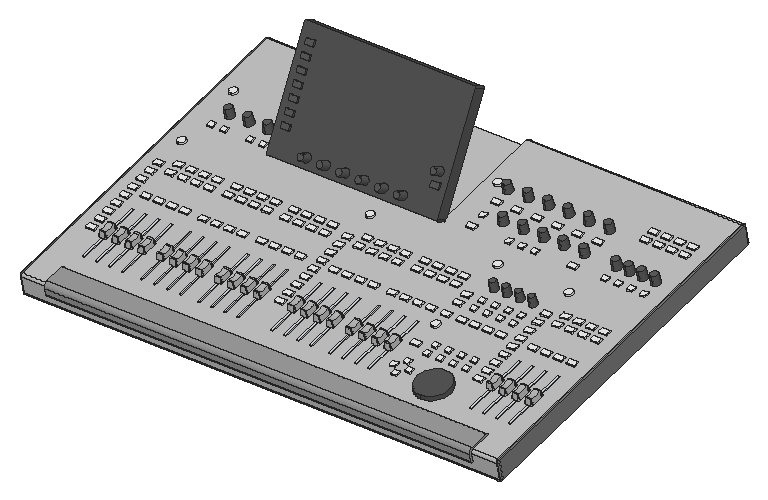
Revit family "Wing", category Communication Devices, Revit 2020 (continued)
Automatic sketch dimensions
  Split face 26 sketch curve to cut or joined group 1 (Extrusion 4, Extrusion 216, Extrusion 217, Extrusion 218, Extrusion 219, Extrusion 220, Extrusion 221, Extrusion 222, Extrusion 223, Extrusion 224, Extrusion 225, Extrusion 226, Extrusion 227, Extrusion 228, Extrusion 229, Extrusion 230, Extrusion 231, Extrusion 232, Extrusion 233, Extrusion 234, Extrusion 235, Extrusion 236, Extrusion 237, Extrusion 238, Extrusion 239) = 105.819 mm
  Split face 26 sketch curve to cut or joined group 1 = 7.108 mm
  Split face 26 sketch curve to Split face 26 sketch curve = 28.419 mm
  Split face 27 sketch curve to cut or joined group 1 = 3.427 mm
  Split face 27 sketch curve to cut or joined group 1 = 64.622 mm
  Split face 27 sketch curve to cut or joined group 1 = 7.108 mm
  Split face 27 sketch curve to Split face 27 sketch curve = 28.419 mm
  plane 3 "Center (Left/Right)" to Extrusion 240 sketch curve = 197.741 mm
  plane 1 "Center (Front/Back)" to Extrusion 240 sketch curve = 156.826 mm
  Extrusion 241 sketch curve to plane 5 "Rear Connectors" = 51.478 mm
  plane 3 "Center (Left/Right)" to Extrusion 241 sketch curve = 197.741 mm
  plane 3 "Center (Left/Right)" to Extrusion 242 sketch curve = 197.741 mm
  Extrusion 242 sketch curve to plane 1 "Center (Front/Back)" = 156.826 mm
  plane 5 "Rear Connectors" to Extrusion 243 sketch curve = 51.478 mm
  plane 3 "Center (Left/Right)" to Extrusion 243 sketch curve = 197.741 mm
  radius of curve 1177 = 8.037 mm
  radius of curve 1178 = 8.037 mm
  radius of curve 1179 = 8.037 mm
  radius of curve 1180 = 8.037 mm
  radius of curve 1181 = 8.037 mm
  radius of curve 1182 = 8.037 mm
  radius of curve 1183 = 8.037 mm
  radius of curve 1184 = 33 mm
  radius of Extrusion 178 sketch curve = 6.8 mm
  radius of Extrusion 179 sketch curve = 6.8 mm
  radius of Extrusion 180 sketch curve = 6.8 mm
  radius of Extrusion 181 sketch curve = 6.8 mm
  radius of Extrusion 182 sketch curve = 6.8 mm
  radius of Extrusion 183 sketch curve = 6.8 mm
  radius of Extrusion 184 sketch curve = 6.8 mm
  radius of Extrusion 185 sketch curve = 30 mm
  radius of Blend 186 sketch curve = 7.737 mm
  radius of Blend 186 sketch curve = 6.534 mm
  radius of Blend 187 sketch curve = 7.737 mm
  radius of Blend 187 sketch curve = 6.534 mm
  radius of Blend 188 sketch curve = 7.737 mm
  radius of Blend 188 sketch curve = 6.534 mm
  radius of Blend 189 sketch curve = 7.737 mm
  radius of Blend 189 sketch curve = 6.534 mm
  radius of Blend 190 sketch curve = 7.737 mm
  radius of Blend 190 sketch curve = 6.534 mm
  radius of Blend 191 sketch curve = 7.737 mm
  radius of Blend 191 sketch curve = 6.534 mm
  radius of Blend 192 sketch curve = 7.737 mm
  radius of Blend 192 sketch curve = 6.534 mm
  radius of Blend 193 sketch curve = 7.737 mm
  radius of Blend 193 sketch curve = 6.534 mm
  radius of Blend 194 sketch curve = 7.737 mm
  radius of Blend 194 sketch curve = 6.534 mm
  radius of Blend 195 sketch curve = 7.737 mm
  radius of Blend 195 sketch curve = 6.534 mm
  radius of Blend 196 sketch curve = 7.737 mm
  radius of Blend 196 sketch curve = 6.534 mm
  radius of Blend 197 sketch curve = 7.737 mm
  radius of Blend 197 sketch curve = 6.534 mm
  radius of Blend 198 sketch curve = 7.737 mm
  radius of Blend 198 sketch curve = 6.534 mm
  radius of Blend 199 sketch curve = 7.737 mm
  radius of Blend 199 sketch curve = 6.534 mm
  radius of Blend 200 sketch curve = 7.737 mm
  radius of Blend 200 sketch curve = 6.534 mm
  radius of Blend 201 sketch curve = 7.737 mm
  radius of Blend 201 sketch curve = 6.534 mm
  radius of Blend 202 sketch curve = 7.737 mm
  radius of Blend 202 sketch curve = 6.534 mm
  radius of Blend 203 sketch curve = 7.737 mm
  radius of Blend 203 sketch curve = 6.534 mm
  radius of Blend 204 sketch curve = 6.7 mm
  radius of Blend 204 sketch curve = 5.6 mm
  radius of Blend 205 sketch curve = 6.7 mm
  radius of Blend 205 sketch curve = 5.6 mm
  radius of Blend 206 sketch curve = 6.7 mm
  radius of Blend 206 sketch curve = 5.6 mm
  radius of Blend 207 sketch curve = 6.7 mm
  radius of Blend 207 sketch curve = 5.6 mm
  radius of Extrusion 216 sketch curve = 11.2 mm
  radius of Extrusion 217 sketch curve = 11.2 mm
  radius of Extrusion 218 sketch curve = 11.2 mm
  radius of Extrusion 219 sketch curve = 11.2 mm
  radius of Extrusion 220 sketch curve = 11.2 mm
  radius of Extrusion 221 sketch curve = 11.2 mm
  radius of Extrusion 222 sketch curve = 11.2 mm
  radius of Extrusion 223 sketch curve = 11.2 mm
  radius of Extrusion 224 sketch curve = 11.2 mm
  radius of Split face 24 sketch curve = 6.9 mm
  radius of Split face 25 sketch curve = 6.906 mm
  radius of Extrusion 226 sketch curve = 11.2 mm
  radius of Extrusion 227 sketch curve = 11.2 mm
  radius of Extrusion 228 sketch curve = 11.2 mm
  radius of Extrusion 229 sketch curve = 11.2 mm
  radius of Extrusion 230 sketch curve = 11.2 mm
  radius of Extrusion 231 sketch curve = 11.2 mm
  radius of Extrusion 232 sketch curve = 11.2 mm
  radius of Extrusion 233 sketch curve = 11.2 mm
  radius of Extrusion 234 sketch curve = 11.2 mm
  radius of Extrusion 235 sketch curve = 11.2 mm
  radius of Extrusion 236 sketch curve = 11.2 mm
  radius of Extrusion 237 sketch curve = 11.2 mm
  radius of Extrusion 238 sketch curve = 11.2 mm
  radius of Extrusion 239 sketch curve = 11.2 mm
  radius of Extrusion 240 sketch curve = 22.711 mm
  radius of Extrusion 241 sketch curve = 22.711 mm
  radius of Extrusion 242 sketch curve = 22.711 mm
  radius of Extrusion 243 sketch curve = 22.711 mm
Nested families
  nested 1: "Fader Cap" at (-374.283, -157.758, 92.618) x (1, 0, 0) z (0, -0.2419, 0.9703), type "Fader Cap"
  nested 2: "Fader Cap" at (-303.727, -157.758, 92.618) x (1, 0, 0) z (0, -0.2419, 0.9703), type "Fader Cap"
  nested 3: "Fader Cap" at (-350.765, -157.758, 92.618) x (1, 0, 0) z (0, -0.2419, 0.9703), type "Fader Cap"
  nested 4: "Fader Cap" at (-327.246, -157.758, 92.618) x (1, 0, 0) z (0, -0.2419, 0.9703), type "Fader Cap"
  nested 5: "Fader Cap" at (-269.509, -157.758, 92.618) x (1, 0, 0) z (0, -0.2419, 0.9703), type "Fader Cap"
  nested 6: "Fader Cap" at (-198.953, -157.758, 92.618) x (1, 0, 0) z (0, -0.2419, 0.9703), type "Fader Cap"
  nested 7: "Fader Cap" at (-245.99, -157.758, 92.618) x (1, 0, 0) z (0, -0.2419, 0.9703), type "Fader Cap"
  nested 8: "Fader Cap" at (-222.472, -157.758, 92.618) x (1, 0, 0) z (0, -0.2419, 0.9703), type "Fader Cap"
  nested 9: "Fader Cap" at (-164.734, -157.758, 92.618) x (1, 0, 0) z (0, -0.2419, 0.9703), type "Fader Cap"
  nested 10: "Fader Cap" at (-94.177, -157.758, 92.618) x (1, 0, 0) z (0, -0.2419, 0.9703), type "Fader Cap"
  nested 11: "Fader Cap" at (-141.215, -157.758, 92.618) x (1, 0, 0) z (0, -0.2419, 0.9703), type "Fader Cap"
  nested 12: "Fader Cap" at (-117.696, -157.758, 92.618) x (1, 0, 0) z (0, -0.2419, 0.9703), type "Fader Cap"
  nested 13: "Fader Cap" at (-32.099, -157.758, 92.618) x (1, 0, 0) z (0, -0.2419, 0.9703), type "Fader Cap"
  nested 14: "Fader Cap" at (38.457, -157.758, 92.618) x (1, 0, 0) z (0, -0.2419, 0.9703), type "Fader Cap"
  nested 15: "Fader Cap" at (-8.581, -157.758, 92.618) x (1, 0, 0) z (0, -0.2419, 0.9703), type "Fader Cap"
  nested 16: "Fader Cap" at (14.938, -157.758, 92.618) x (1, 0, 0) z (0, -0.2419, 0.9703), type "Fader Cap"
  nested 17: "Fader Cap" at (72.979, -157.758, 92.618) x (1, 0, 0) z (0, -0.2419, 0.9703), type "Fader Cap"
  nested 18: "Fader Cap" at (143.535, -157.758, 92.618) x (1, 0, 0) z (0, -0.2419, 0.9703), type "Fader Cap"
  nested 19: "Fader Cap" at (96.498, -157.758, 92.618) x (1, 0, 0) z (0, -0.2419, 0.9703), type "Fader Cap"
  nested 20: "Fader Cap" at (120.016, -157.758, 92.618) x (1, 0, 0) z (0, -0.2419, 0.9703), type "Fader Cap"
  nested 21: "Fader Cap" at (328.861, -157.758, 92.618) x (1, 0, 0) z (0, -0.2419, 0.9703), type "Fader Cap"
  nested 22: "Fader Cap" at (399.417, -157.758, 92.618) x (1, 0, 0) z (0, -0.2419, 0.9703), type "Fader Cap"
  nested 23: "Fader Cap" at (352.38, -157.758, 92.618) x (1, 0, 0) z (0, -0.2419, 0.9703), type "Fader Cap"
  nested 24: "Fader Cap" at (375.898, -157.758, 92.618) x (1, 0, 0) z (0, -0.2419, 0.9703), type "Fader Cap"
  nested 25: "Wing screen" at (0.604, 70.807, 157.261) x (1, 0, 0) z (0, -0.8988, 0.4384), type "Wing screen"
    with ScreenTilt 0.00°
  nested 26: "IEC with switch" at (180.48, 223.328, 39.063) x (0, 0, 1) z (0, 1, 0), type "IEC with switch"
  nested 27: "RJ45 chassis mount" at (136.117, 223.328, 36.918) x (-1, 0, 0) z (0, 1, 0), type "RJ45 chassis mount"
  nested 28: "RJ45 chassis mount" at (111.589, 223.328, 36.918) x (-1, 0, 0) z (0, 1, 0), type "RJ45 chassis mount"
  nested 29: "USB-B chassis mount" at (89.483, 223.328, 35.683) x (-1, 0, 0) z (0, 1, 0), type "USB-B chassis mount"
  nested 30: "4 pin XLR-F" at (221.81, 223.328, 121.405) x (-1, 0, 0) z (0, 1, 0), type "4 pin XLR-F"
  nested 31: "TRS chassis mount" at (147.534, 223.328, 126.88) x (-1, 0, 0) z (0, 1, 0), type "TRS chassis mount"
  nested 32: "TRS chassis mount" at (147.588, 223.328, 110.342) x (-1, 0, 0) z (0, 1, 0), type "TRS chassis mount"
  nested 33: "TRS chassis mount" at (221.781, 223.328, 94.897) x (-1, 0, 0) z (0, 1, 0), type "TRS chassis mount"
  nested 34: "TRS chassis mount" at (221.868, 223.328, 78.331) x (-1, 0, 0) z (0, 1, 0), type "TRS chassis mount"
  nested 35: "TRS chassis mount" at (-21.473, 223.328, 126.907) x (-1, 0, 0) z (0, 1, 0), type "TRS chassis mount"
  nested 36: "TRS chassis mount" at (-21.419, 223.328, 110.369) x (-1, 0, 0) z (0, 1, 0), type "TRS chassis mount"
  nested 37: "TRS chassis mount" at (123.39, 223.328, 126.884) x (-1, 0, 0) z (0, 1, 0), type "TRS chassis mount"
  nested 38: "TRS chassis mount" at (123.444, 223.328, 110.346) x (-1, 0, 0) z (0, 1, 0), type "TRS chassis mount"
  nested 39: "TRS chassis mount" at (99.246, 223.328, 126.888) x (-1, 0, 0) z (0, 1, 0), type "TRS chassis mount"
  nested 40: "TRS chassis mount" at (99.3, 223.328, 110.35) x (-1, 0, 0) z (0, 1, 0), type "TRS chassis mount"
  nested 41: "TRS chassis mount" at (75.102, 223.328, 126.891) x (-1, 0, 0) z (0, 1, 0), type "TRS chassis mount"
  nested 42: "TRS chassis mount" at (75.156, 223.328, 110.354) x (-1, 0, 0) z (0, 1, 0), type "TRS chassis mount"
  nested 43: "TRS chassis mount" at (50.958, 223.328, 126.895) x (-1, 0, 0) z (0, 1, 0), type "TRS chassis mount"
  nested 44: "TRS chassis mount" at (51.012, 223.328, 110.357) x (-1, 0, 0) z (0, 1, 0), type "TRS chassis mount"
  nested 45: "TRS chassis mount" at (26.814, 223.328, 126.899) x (-1, 0, 0) z (0, 1, 0), type "TRS chassis mount"
  nested 46: "TRS chassis mount" at (26.868, 223.328, 110.361) x (-1, 0, 0) z (0, 1, 0), type "TRS chassis mount"
  nested 47: "TRS chassis mount" at (2.67, 223.328, 126.903) x (-1, 0, 0) z (0, 1, 0), type "TRS chassis mount"
  nested 48: "TRS chassis mount" at (2.724, 223.328, 110.365) x (-1, 0, 0) z (0, 1, 0), type "TRS chassis mount"
  nested 49: "XLR-M" at (147.529, 223.328, 82.772) x (-1, 0, 0) z (0, 1, 0), type "XLR-M"
  nested 50: "XLR-M" at (-26.603, 223.328, 42.512) x (-1, 0, 0) z (0, 1, 0), type "XLR-M"
  nested 51: "XLR-M" at (-54.398, 223.328, 42.806) x (-1, 0, 0) z (0, 1, 0), type "XLR-M"
  nested 52: "XLR-F" at (-82.434, 223.328, 42.629) x (-1, 0, 0) z (0, 1, 0), type "XLR-F"
  nested 53: "NE8FD Ethercon" at (62.987, 223.328, 42.569) x (-1, 0, 0) z (0, 1, 0), type "NE8FD Ethercon"
  nested 54: "NE8FD Ethercon" at (32.854, 223.328, 42.541) x (-1, 0, 0) z (0, 1, 0), type "NE8FD Ethercon"
  nested 55: "NE8FD Ethercon" at (2.638, 223.328, 42.719) x (-1, 0, 0) z (0, 1, 0), type "NE8FD Ethercon"
  nested 56: "XLR-F Combo Jack" at (-51.933, 223.328, 82.674) x (-1, 0, 0) z (0, 1, 0), type "XLR-F Combo Jack"
  nested 57: "XLR-M" at (-21.408, 223.328, 82.577) x (-1, 0, 0) z (0, 1, 0), type "XLR-M"
  nested 58: "XLR-F Combo Jack" at (-220.871, 223.328, 82.48) x (-1, 0, 0) z (0, 1, 0), type "XLR-F Combo Jack"
  nested 59: "XLR-M" at (123.395, 223.328, 82.744) x (-1, 0, 0) z (0, 1, 0), type "XLR-M"
  nested 60: "XLR-F Combo Jack" at (-76.067, 223.328, 82.647) x (-1, 0, 0) z (0, 1, 0), type "XLR-F Combo Jack"
  nested 61: "XLR-M" at (99.261, 223.328, 82.716) x (-1, 0, 0) z (0, 1, 0), type "XLR-M"
  nested 62: "XLR-F Combo Jack" at (-100.201, 223.328, 82.619) x (-1, 0, 0) z (0, 1, 0), type "XLR-F Combo Jack"
  nested 63: "XLR-M" at (75.127, 223.328, 82.688) x (-1, 0, 0) z (0, 1, 0), type "XLR-M"
  nested 64: "XLR-F Combo Jack" at (-124.335, 223.328, 82.591) x (-1, 0, 0) z (0, 1, 0), type "XLR-F Combo Jack"
  nested 65: "XLR-M" at (50.993, 223.328, 82.66) x (-1, 0, 0) z (0, 1, 0), type "XLR-M"
  nested 66: "XLR-F Combo Jack" at (-148.469, 223.328, 82.563) x (-1, 0, 0) z (0, 1, 0), type "XLR-F Combo Jack"
  nested 67: "XLR-M" at (26.86, 223.328, 82.633) x (-1, 0, 0) z (0, 1, 0), type "XLR-M"
  nested 68: "XLR-F Combo Jack" at (-172.603, 223.328, 82.535) x (-1, 0, 0) z (0, 1, 0), type "XLR-F Combo Jack"
  nested 69: "XLR-M" at (2.726, 223.328, 82.605) x (-1, 0, 0) z (0, 1, 0), type "XLR-M"
  nested 70: "XLR-F Combo Jack" at (-196.737, 223.328, 82.507) x (-1, 0, 0) z (0, 1, 0), type "XLR-F Combo Jack"
Definition of nested family "Fader Cap"
  Parameters (values of type "Fader Cap")
    Model = "M32"
    Manufacturer = "Midas"
    Default Elevation = 0 mm
  Reference planes
    plane 1 "Center (Front/Back)": y = 0
    plane 2: z = 0
    plane 3 "Center (Left/Right)": x = 0
    plane 4 "Rear Connectors": y = 297.637
  Forms (mm)
    Blend 1, solid
      base sketch origin (0, 2.195, 0) x (1, 0, 0) y (0, 1, 0)
        loop
          line (-6.629, -11.949) -> (-6.484, -13.733)
          arc (-6.484, -13.733) -> (-6.096, -14.643) -> (-5.238, -15.136) r 1.56
          arc (-5.238, -15.136) -> (0, -15.598) -> (5.238, -15.136) r 29.904
          arc (5.238, -15.136) -> (6.096, -14.643) -> (6.484, -13.733) r 1.56
          line (6.484, -13.733) -> (6.629, -11.949) -> (6.629, 7.56) -> (6.484, 9.344)
          arc (6.484, 9.344) -> (6.096, 10.254) -> (5.238, 10.747) r 1.56
          arc (5.238, 10.747) -> (0, 11.209) -> (-5.238, 10.747) r 29.904
          arc (-5.238, 10.747) -> (-6.096, 10.254) -> (-6.484, 9.344) r 1.56
          line (-6.484, 9.344) -> (-6.629, 7.56) -> (-6.629, -11.949)
      top sketch origin (0, 2.195, 0) x (1, 0, 0) y (0, 1, 0)
        loop
          line (-4.846, 8.453) -> (-4.846, -12.842)
          arc (-4.846, -12.842) -> (0, -13.475) -> (4.846, -12.842) r 18.875
          line (4.846, -12.842) -> (4.846, 8.453)
          arc (4.846, 8.453) -> (0, 9.086) -> (-4.846, 8.453) r 18.875
      from 1.549 to 11.37
    Extrusion 2, void
      sketch origin (0, 157.195, -100) x (0, 1, 0) y (0, 0, 1)
        loop
          arc (-165.928, 111.37) -> (-156.981, 109.171) -> (-148.034, 111.37) r 19.305
          line (-148.034, 111.37) -> (-165.928, 111.37)
      from -6.629 to 6.629
    Extrusion 3, solid, not visible
      sketch origin (0, 41.387, 0) x (0, 1, 0) y (0, 0, 1)
        loop
          arc (19.706, 50.724) -> (53.209, 58.151) -> (80.435, 79.042) r 79.276
          line (80.435, 79.042) -> (195.403, 214.93)
          arc (195.403, 214.93) -> (192.322, 250.151) -> (157.101, 247.07) r 25
          line (157.101, 247.07) -> (39.689, 107.144)
          arc (39.689, 107.144) -> (32.821, 101.874) -> (24.369, 100) r 20
          line (24.369, 100) -> (-325.78, 99.968)
          arc (-325.78, 99.968) -> (-346.715, 88.607) -> (-348.6, 64.863) r 24.97
          arc (-348.6, 64.863) -> (-333.4, 48.394) -> (-311.111, 50.724) r 25
          line (-311.111, 50.724) -> (19.706, 50.724)
      from -425.5 to 425.5
    Blend 4, solid, not visible
      base sketch origin (0, 0, 100) x (0, -1, 0) y (1, 0, 0)
        loop
          line (166.949, -373.024) -> (168.733, -372.879)
          arc (168.733, -372.879) -> (169.643, -372.491) -> (170.136, -371.633) r 1.56
          arc (170.136, -371.633) -> (170.598, -366.395) -> (170.136, -361.157) r 29.904
          arc (170.136, -361.157) -> (169.643, -360.299) -> (168.733, -359.911) r 1.56
          line (168.733, -359.911) -> (166.949, -359.766) -> (147.44, -359.766) -> (145.656, -359.911)
          arc (145.656, -359.911) -> (144.746, -360.299) -> (144.253, -361.157) r 1.56
          arc (144.253, -361.157) -> (143.791, -366.395) -> (144.253, -371.633) r 29.904
          arc (144.253, -371.633) -> (144.746, -372.491) -> (145.656, -372.879) r 1.56
          line (145.656, -372.879) -> (147.44, -373.024) -> (166.949, -373.024)
      top sketch origin (0, 0, 100) x (0, -1, 0) y (1, 0, 0)
        loop
          line (146.547, -371.241) -> (167.842, -371.241)
          arc (167.842, -371.241) -> (168.475, -366.395) -> (167.842, -361.549) r 18.875
          line (167.842, -361.549) -> (146.547, -361.549)
          arc (146.547, -361.549) -> (145.914, -366.395) -> (146.547, -371.241) r 18.875
      from 1.549 to 11.37
    Extrusion 5, void, not visible
      sketch origin (0, 0, 0) x (0, 1, 0) y (0, 0, 1)
        loop
          arc (-165.928, 111.37) -> (-156.981, 109.171) -> (-148.034, 111.37) r 19.305
          line (-148.034, 111.37) -> (-165.928, 111.37)
      from -373.024 to -359.766
    Extrusion 6, solid, not visible
      sketch origin (27.274, 65.596, 47.8) x (-1, 0, 0) y (0, -1, 0)
        loop
          arc (102.642, 32.538) -> (103.703, 32.977) -> (104.142, 34.038) r 1.5
          line (104.142, 34.038) -> (104.142, 38.736)
          arc (104.142, 38.736) -> (103.703, 39.797) -> (102.642, 40.236) r 1.5
          line (102.642, 40.236) -> (93.334, 40.236)
          arc (93.334, 40.236) -> (92.273, 39.797) -> (91.834, 38.736) r 1.5
          line (91.834, 38.736) -> (91.834, 34.038)
          arc (91.834, 34.038) -> (92.273, 32.977) -> (93.334, 32.538) r 1.5
          line (93.334, 32.538) -> (102.642, 32.538)
      from 0 to 3
    Extrusion 7, solid, not visible
      sketch origin (0, 0, 100) x (0, -1, 0) y (1, 0, 0)
        loop
          arc (114.03, -395.24) -> (114.967, -397.502) -> (117.23, -398.44) r 3.2
          line (117.23, -398.44) -> (120.619, -398.44)
          arc (120.619, -398.44) -> (122.882, -397.502) -> (123.819, -395.24) r 3.2
          line (123.819, -395.24) -> (123.819, -388.35)
          arc (123.819, -388.35) -> (122.882, -386.088) -> (120.619, -385.15) r 3.2
          line (120.619, -385.15) -> (117.23, -385.15)
          arc (117.23, -385.15) -> (114.967, -386.088) -> (114.03, -388.35) r 3.2
          line (114.03, -388.35) -> (114.03, -395.24)
      from 0 to 3
    Extrusion 8, solid, not visible
      sketch origin (701.358, -6.4, 100) x (0, -1, 0) y (1, 0, 0)
        loop
          arc (113.943, -393.595) -> (118.838, -398.49) -> (123.732, -393.595) r 4.895
          line (123.732, -393.595) -> (123.732, -390.038)
          arc (123.732, -390.038) -> (118.838, -385.144) -> (113.943, -390.038) r 4.895
          line (113.943, -390.038) -> (113.943, -393.595)
      from 0 to 3
    Extrusion 9, solid, not visible
      sketch origin (783.908, -21.323, 100) x (0, -1, 0) y (1, 0, 0)
        loop
          circle (118.875, -391.795) r 5.895
      from 0 to 3
    Blend 10, solid, not visible
      base sketch origin (31.115, 0, 100) x (0, -1, 0) y (1, 0, 0)
        loop
          circle (3.99, 294.005) r 7.348
      top sketch origin (31.115, 0, 100) x (0, -1, 0) y (1, 0, 0)
        loop
          circle (3.99, 294.005) r 6.43
      from 0 to 15
    Blend 11, solid, not visible
      base sketch origin (30.454, 0.333, 10.918) x (0, -0.642788, -0.766044) y (1, 0, 0)
        loop
          circle (-197.238, -399.695) r 7.348
      top sketch origin (30.454, 0.333, 10.918) x (0, -0.642788, -0.766044) y (1, 0, 0)
        loop
          circle (-197.238, -399.695) r 6.43
      from 0 to 15
    Extrusion 12, solid, not visible
      sketch origin (-324.917, 41.736, 0.416) x (0, 1, 0) y (0, 0, 1)
        loop
          arc (19.706, 50.724) -> (53.209, 58.151) -> (80.435, 79.042) r 79.276
          line (80.435, 79.042) -> (195.403, 214.93)
          arc (195.403, 214.93) -> (192.322, 250.151) -> (157.101, 247.07) r 25
          line (157.101, 247.07) -> (39.689, 107.144)
          arc (39.689, 107.144) -> (32.821, 101.874) -> (24.369, 100) r 20
          line (24.369, 100) -> (-325.78, 99.968)
          arc (-325.78, 99.968) -> (-346.715, 88.607) -> (-348.6, 64.863) r 24.97
          arc (-348.6, 64.863) -> (-333.4, 48.394) -> (-311.111, 50.724) r 25
          line (-311.111, 50.724) -> (19.706, 50.724)
      from -425.5 to 425.5
    Extrusion 13, solid, not visible
      sketch origin (-62.23, 41.387, 0) x (0, 1, 0) y (0, 0, 1)
        loop
          arc (19.706, 50.724) -> (53.209, 58.151) -> (80.435, 79.042) r 79.276
          line (80.435, 79.042) -> (195.403, 214.93)
          arc (195.403, 214.93) -> (192.322, 250.151) -> (157.101, 247.07) r 25
          line (157.101, 247.07) -> (39.689, 107.144)
          arc (39.689, 107.144) -> (32.821, 101.874) -> (24.369, 100) r 20
          line (24.369, 100) -> (-325.78, 99.968)
          arc (-325.78, 99.968) -> (-346.715, 88.607) -> (-348.6, 64.863) r 24.97
          arc (-348.6, 64.863) -> (-333.4, 48.394) -> (-311.111, 50.724) r 25
          line (-311.111, 50.724) -> (19.706, 50.724)
      from -425.5 to 425.5
    Extrusion 14, solid, not visible
      sketch origin (0, 41.387, 0) x (0, 1, 0) y (0, 0, 1)
        loop
          arc (19.706, 50.724) -> (53.209, 58.151) -> (80.435, 79.042) r 79.276
          line (80.435, 79.042) -> (195.403, 214.93)
          arc (195.403, 214.93) -> (192.322, 250.151) -> (157.101, 247.07) r 25
          line (157.101, 247.07) -> (39.689, 107.144)
          arc (39.689, 107.144) -> (32.821, 101.874) -> (24.369, 100) r 20
          line (24.369, 100) -> (-325.78, 99.968)
          arc (-325.78, 99.968) -> (-346.715, 88.607) -> (-348.6, 64.863) r 24.97
          arc (-348.6, 64.863) -> (-333.4, 48.394) -> (-311.111, 50.724) r 25
          line (-311.111, 50.724) -> (19.706, 50.724)
      from -425.5 to 425.5
  Cuts and joins
    Extrusion 2 cuts Blend 1
  Lines and regions (mm)
    Split face 1, not visible
      outline origin (0, -274.23, 100) x (0, 1, 0) y (-1, 0, 0)
        loop
          line (172.933, 367.895) -> (61.622, 367.895) -> (61.622, 364.895) -> (172.933, 364.895) -> (172.933, 367.895)
    Split face 2, not visible
      outline origin (0, -274.23, 100) x (0, 1, 0) y (-1, 0, 0)
        loop
          line (279.313, 371.073) -> (278.313, 371.073) -> (278.313, 368.099) -> (279.313, 368.099) -> (279.313, 371.073)
    Split face 3, not visible
      outline origin (0, -269.142, 100) x (0, 1, 0) y (-1, 0, 0)
        loop
          line (279.313, 371.073) -> (278.313, 371.073) -> (278.313, 368.099) -> (279.313, 368.099) -> (279.313, 371.073)
    Split face 4, not visible
      outline origin (0, -265.975, 100) x (0, 1, 0) y (-1, 0, 0)
        loop
          line (279.313, 371.073) -> (278.313, 371.073) -> (278.313, 368.099) -> (279.313, 368.099) -> (279.313, 371.073)
    Split face 5, not visible
      outline origin (0, -262.8, 100) x (0, 1, 0) y (-1, 0, 0)
        loop
          line (279.313, 371.073) -> (278.313, 371.073) -> (278.313, 368.099) -> (279.313, 368.099) -> (279.313, 371.073)
    Split face 6, not visible
      outline origin (0, -259.625, 100) x (0, 1, 0) y (-1, 0, 0)
        loop
          line (279.313, 371.073) -> (278.313, 371.073) -> (278.313, 368.099) -> (279.313, 368.099) -> (279.313, 371.073)
    Split face 7, not visible
      outline origin (0, -256.45, 100) x (0, 1, 0) y (-1, 0, 0)
        loop
          line (279.313, 371.073) -> (278.313, 371.073) -> (278.313, 368.099) -> (279.313, 368.099) -> (279.313, 371.073)
    Split face 8, not visible
      outline origin (0, -253.286, 100) x (0, 1, 0) y (-1, 0, 0)
        loop
          line (279.313, 371.073) -> (278.313, 371.073) -> (278.313, 368.099) -> (279.313, 368.099) -> (279.313, 371.073)
    Split face 9, not visible
      outline origin (0, -248.195, 100) x (0, 1, 0) y (-1, 0, 0)
        loop
          line (279.313, 371.073) -> (278.313, 371.073) -> (278.313, 368.099) -> (279.313, 368.099) -> (279.313, 371.073)
    Split face 10, not visible
      outline origin (-62.23, -274.23, 100) x (0, 1, 0) y (-1, 0, 0)
        loop
          arc (263.049, -380.824) -> (263.714, -380.823) -> (263.714, -380.159) r 0.47
          line (263.714, -380.159) -> (262.303, -378.742)
          arc (262.303, -378.742) -> (261.632, -378.741) -> (261.633, -379.412) r 0.474
          line (261.633, -379.412) -> (263.049, -380.824)
    Split face 11, not visible
      outline origin (-140.898, -129.242, 100) x (0.382683, 0.92388, 0) y (-0.92388, 0.382683, 0)
        loop
          arc (286.864, -376.087) -> (287.528, -376.086) -> (287.529, -375.422) r 0.47
          line (287.529, -375.422) -> (286.117, -374.005)
          arc (286.117, -374.005) -> (285.447, -374.004) -> (285.447, -374.675) r 0.474
          line (285.447, -374.675) -> (286.864, -376.087)
    Split face 12, not visible
      outline origin (-158.094, 34.816, 100) x (0.707107, 0.707107, 0) y (-0.707107, 0.707107, 0)
        loop
          arc (307.053, -362.597) -> (307.717, -362.596) -> (307.718, -361.932) r 0.47
          line (307.718, -361.932) -> (306.306, -360.515)
          arc (306.306, -360.515) -> (305.635, -360.515) -> (305.636, -361.185) r 0.474
          line (305.636, -361.185) -> (307.053, -362.597)
    Split face 13, not visible
      outline origin (-111.198, 192.965, 100) x (0.92388, 0.382683, 0) y (-0.382683, 0.92388, 0)
        loop
          arc (320.542, -342.408) -> (321.207, -342.407) -> (321.207, -341.743) r 0.47
          line (321.207, -341.743) -> (319.796, -340.326)
          arc (319.796, -340.326) -> (319.125, -340.326) -> (319.126, -340.996) r 0.474
          line (319.126, -340.996) -> (320.542, -342.408)
    Split face 14, not visible
      outline origin (-7.351, 321.13, 100) x (1, 0, 0) y (0, 1, 0)
        loop
          arc (325.279, -318.594) -> (325.944, -318.593) -> (325.944, -317.929) r 0.47
          line (325.944, -317.929) -> (324.533, -316.512)
          arc (324.533, -316.512) -> (323.862, -316.511) -> (323.863, -317.182) r 0.474
          line (323.863, -317.182) -> (325.279, -318.594)
    Split face 15, not visible
      outline origin (137.638, 399.799, 100) x (0.92388, -0.382683, 0) y (0.382683, 0.92388, 0)
        loop
          arc (320.542, -294.779) -> (321.207, -294.779) -> (321.207, -294.114) r 0.47
          line (321.207, -294.114) -> (319.796, -292.698)
          arc (319.796, -292.698) -> (319.125, -292.697) -> (319.126, -293.367) r 0.474
          line (319.126, -293.367) -> (320.542, -294.779)
    Split face 16, not visible
      outline origin (301.695, 416.994, 100) x (0.707107, -0.707107, 0) y (0.707107, 0.707107, 0)
        loop
          arc (307.053, -274.59) -> (307.717, -274.59) -> (307.718, -273.925) r 0.47
          line (307.718, -273.925) -> (306.306, -272.509)
          arc (306.306, -272.509) -> (305.635, -272.508) -> (305.636, -273.179) r 0.474
          line (305.636, -273.179) -> (307.053, -274.59)
    Split face 17, not visible
      outline origin (459.845, 370.098, 100) x (0.382683, -0.92388, 0) y (0.92388, 0.382683, 0)
        loop
          arc (286.864, -261.101) -> (287.528, -261.1) -> (287.529, -260.435) r 0.47
          line (287.529, -260.435) -> (286.117, -259.019)
          arc (286.117, -259.019) -> (285.447, -259.018) -> (285.447, -259.689) r 0.474
          line (285.447, -259.689) -> (286.864, -261.101)
    Split face 18, not visible
      outline origin (588.01, 266.251, 100) x (0, -1, 0) y (1, 0, 0)
        loop
          arc (263.049, -256.364) -> (263.714, -256.363) -> (263.714, -255.699) r 0.47
          line (263.714, -255.699) -> (262.303, -254.282)
          arc (262.303, -254.282) -> (261.632, -254.281) -> (261.633, -254.952) r 0.474
          line (261.633, -254.952) -> (263.049, -256.364)
    Split face 19, not visible
      outline origin (666.678, 121.262, 100) x (-0.382683, -0.92388, 0) y (0.92388, -0.382683, 0)
        loop
          arc (239.235, -261.101) -> (239.899, -261.1) -> (239.9, -260.435) r 0.47
          line (239.9, -260.435) -> (238.488, -259.019)
          arc (238.488, -259.019) -> (237.818, -259.018) -> (237.818, -259.689) r 0.474
          line (237.818, -259.689) -> (239.235, -261.101)
    Split face 20, not visible
      outline origin (683.874, -42.795, 100) x (-0.707107, -0.707107, 0) y (0.707107, -0.707107, 0)
        loop
          arc (219.046, -274.59) -> (219.711, -274.59) -> (219.711, -273.925) r 0.47
          line (219.711, -273.925) -> (218.299, -272.509)
          arc (218.299, -272.509) -> (217.629, -272.508) -> (217.629, -273.179) r 0.474
          line (217.629, -273.179) -> (219.046, -274.59)
    Split face 21, not visible
      outline origin (636.978, -200.945, 100) x (-0.92388, -0.382683, 0) y (0.382683, -0.92388, 0)
        loop
          arc (205.556, -294.779) -> (206.221, -294.779) -> (206.221, -294.114) r 0.47
          line (206.221, -294.114) -> (204.81, -292.698)
          arc (204.81, -292.698) -> (204.139, -292.697) -> (204.14, -293.367) r 0.474
          line (204.14, -293.367) -> (205.556, -294.779)
    Split face 22, not visible
      outline origin (533.131, -329.11, 100) x (-1, 0, 0) y (0, -1, 0)
        loop
          arc (200.819, -318.594) -> (201.484, -318.593) -> (201.484, -317.929) r 0.47
          line (201.484, -317.929) -> (200.073, -316.512)
          arc (200.073, -316.512) -> (199.402, -316.511) -> (199.403, -317.182) r 0.474
          line (199.403, -317.182) -> (200.819, -318.594)
    Split face 23, not visible
      outline origin (-2.482, 131.215, 166.898) x (0, 0.642788, 0.766044) y (-1, 0, 0)
        loop
          line (4.752, 367.245) -> (2.182, 367.245)
          arc (2.182, 367.245) -> (1.702, 366.765) -> (2.182, 366.285) r 0.48
          line (2.182, 366.285) -> (4.752, 366.285)
          arc (4.752, 366.285) -> (5.233, 366.765) -> (4.752, 367.245) r 0.48
    Split face 24, not visible
      outline origin (-3.18, 225.547, 279.318) x (-0.382683, 0.593858, 0.707733) y (-0.92388, -0.245984, -0.293153)
        loop
          line (9.74, 397.284) -> (7.17, 397.284)
          arc (7.17, 397.284) -> (6.69, 396.804) -> (7.17, 396.324) r 0.48
          line (7.17, 396.324) -> (9.74, 396.324)
          arc (9.74, 396.324) -> (10.22, 396.804) -> (9.74, 397.284) r 0.48
    Split face 25, not visible
      outline origin (-59.985, 312.527, 382.976) x (-0.707107, 0.454519, 0.541675) y (-0.707107, -0.454519, -0.541675)
        loop
          line (25.844, 423.128) -> (23.274, 423.128)
          arc (23.274, 423.128) -> (22.794, 422.648) -> (23.274, 422.168) r 0.48
          line (23.274, 422.168) -> (25.844, 422.168)
          arc (25.844, 422.168) -> (26.324, 422.648) -> (25.844, 423.128) r 0.48
    Split face 26, not visible
      outline origin (-164.25, 378.913, 462.092) x (-0.92388, 0.245984, 0.293153) y (-0.382683, -0.593858, -0.707733)
        loop
          line (50.611, 440.842) -> (48.041, 440.842)
          arc (48.041, 440.842) -> (47.561, 440.362) -> (48.041, 439.882) r 0.48
          line (48.041, 439.882) -> (50.611, 439.882)
          arc (50.611, 439.882) -> (51.091, 440.362) -> (50.611, 440.842) r 0.48
    Split face 27, not visible
      outline origin (-300.1, 414.597, 504.619) x (-1, 0, 0) y (0, -0.642788, -0.766044)
        loop
          line (80.273, 447.73) -> (77.703, 447.73)
          arc (77.703, 447.73) -> (77.223, 447.25) -> (77.703, 446.77) r 0.48
          line (77.703, 446.77) -> (80.273, 446.77)
          arc (80.273, 446.77) -> (80.753, 447.25) -> (80.273, 447.73) r 0.48
    Split face 28, not visible
      outline origin (-446.855, 414.149, 504.084) x (-0.92388, -0.245984, -0.293153) y (0.382683, -0.593858, -0.707733)
        loop
          line (110.312, 442.742) -> (107.742, 442.742)
          arc (107.742, 442.742) -> (107.262, 442.262) -> (107.742, 441.782) r 0.48
          line (107.742, 441.782) -> (110.312, 441.782)
          arc (110.312, 441.782) -> (110.792, 442.262) -> (110.312, 442.742) r 0.48
    Split face 29, not visible
      outline origin (-582.171, 377.635, 460.569) x (-0.707107, -0.454519, -0.541675) y (0.707107, -0.454519, -0.541675)
        loop
          line (136.156, 426.639) -> (133.586, 426.639)
          arc (133.586, 426.639) -> (133.106, 426.159) -> (133.586, 425.678) r 0.48
          line (133.586, 425.678) -> (136.156, 425.678)
          arc (136.156, 425.678) -> (136.636, 426.159) -> (136.156, 426.639) r 0.48
    Split face 30, not visible
      outline origin (-57.998, 43.893, 62.83) x (0.382683, 0.593858, 0.707733) y (-0.92388, 0.245984, 0.293153)
        loop
          line (11.64, 337.584) -> (9.07, 337.584)
          arc (9.07, 337.584) -> (8.59, 337.103) -> (9.07, 336.623) r 0.48
          line (9.07, 336.623) -> (11.64, 336.623)
          arc (11.64, 336.623) -> (12.12, 337.103) -> (11.64, 337.584) r 0.48
    Split face 31, not visible
      outline origin (-161.276, -23.127, -17.041) x (0.707107, 0.454519, 0.541675) y (-0.707107, 0.454519, 0.541675)
        loop
          line (29.354, 312.816) -> (26.784, 312.816)
          arc (26.784, 312.816) -> (26.304, 312.336) -> (26.784, 311.856) r 0.48
          line (26.784, 311.856) -> (29.354, 311.856)
          arc (29.354, 311.856) -> (29.834, 312.336) -> (29.354, 312.816) r 0.48
    Split face 32, not visible
      outline origin (-296.592, -59.641, -60.556) x (0.92388, 0.245984, 0.293153) y (-0.382683, 0.593858, 0.707733)
        loop
          line (55.198, 296.712) -> (52.628, 296.712)
          arc (52.628, 296.712) -> (52.148, 296.232) -> (52.628, 295.752) r 0.48
          line (52.628, 295.752) -> (55.198, 295.752)
          arc (55.198, 295.752) -> (55.678, 296.232) -> (55.198, 296.712) r 0.48
    Split face 33, not visible
      outline origin (-443.346, -60.09, -61.091) x (1, 0, 0) y (0, 0.642788, 0.766044)
        loop
          line (85.237, 291.725) -> (82.667, 291.725)
          arc (82.667, 291.725) -> (82.187, 291.245) -> (82.667, 290.765) r 0.48
          line (82.667, 290.765) -> (85.237, 290.765)
          arc (85.237, 290.765) -> (85.717, 291.245) -> (85.237, 291.725) r 0.48
    Split face 34, not visible
      outline origin (-579.197, -24.405, -18.563) x (0.92388, -0.245984, -0.293153) y (0.382683, 0.593858, 0.707733)
        loop
          line (114.899, 298.612) -> (112.329, 298.612)
          arc (112.329, 298.612) -> (111.849, 298.132) -> (112.329, 297.652) r 0.48
          line (112.329, 297.652) -> (114.899, 297.652)
          arc (114.899, 297.652) -> (115.379, 298.132) -> (114.899, 298.612) r 0.48
    Split face 35, not visible
      outline origin (-683.461, 41.981, 60.552) x (0.707107, -0.454519, -0.541675) y (0.707107, 0.454519, 0.541675)
        loop
          line (139.666, 316.326) -> (137.096, 316.326)
          arc (137.096, 316.326) -> (136.616, 315.846) -> (137.096, 315.366) r 0.48
          line (137.096, 315.366) -> (139.666, 315.366)
          arc (139.666, 315.366) -> (140.146, 315.846) -> (139.666, 316.326) r 0.48
    model lines, not visible
      curve 1: line (-75.147, 34.95, 47.8) -> (-66.238, 34.95, 47.8)
      curve 2: arc (-66.238, 34.95, 47.8) -> (-63.684, 33.893, 47.8) -> (-62.626, 31.339, 47.8) r 3.612
      curve 3: line (-62.626, 31.339, 47.8) -> (-62.626, 27.088, 47.8)
      curve 4: arc (-62.626, 27.088, 47.8) -> (-63.684, 24.534, 47.8) -> (-66.238, 23.476, 47.8) r 3.612
      curve 5: line (-66.238, 23.476, 47.8) -> (-75.147, 23.476, 47.8)
      curve 6: arc (-75.147, 23.476, 47.8) -> (-77.701, 24.534, 47.8) -> (-78.759, 27.088, 47.8) r 3.612
      curve 7: line (-78.759, 27.088, 47.8) -> (-78.759, 31.339, 47.8)
      curve 8: arc (-78.759, 31.339, 47.8) -> (-77.701, 33.893, 47.8) -> (-75.147, 34.95, 47.8) r 3.612
      curve 9: line (-395.295, -112.832, 100) -> (-388.295, -112.832, 100)
      curve 10: arc (-388.295, -112.832, 100) -> (-385.184, -114.121, 100) -> (-383.895, -117.232, 100) r 4.4
      curve 11: line (-383.895, -117.232, 100) -> (-383.895, -120.675, 100)
      curve 12: arc (-383.895, -120.675, 100) -> (-385.184, -123.786, 100) -> (-388.295, -125.075, 100) r 4.4
      curve 13: line (-388.295, -125.075, 100) -> (-395.295, -125.075, 100)
      curve 14: arc (-395.295, -125.075, 100) -> (-398.406, -123.786, 100) -> (-399.695, -120.675, 100) r 4.4
      curve 15: line (-399.695, -120.675, 100) -> (-399.695, -117.232, 100)
      curve 16: arc (-399.695, -117.232, 100) -> (-398.406, -114.121, 100) -> (-395.295, -112.832, 100) r 4.4
      curve 17: line (307.662, -119.125, 100) -> (311.462, -119.125, 100)
      curve 18: arc (311.462, -119.125, 100) -> (315.705, -120.882, 100) -> (317.462, -125.125, 100) r 6
      curve 19: line (317.462, -125.125, 100) -> (317.462, -125.425, 100)
      curve 20: arc (317.462, -125.425, 100) -> (315.705, -129.667, 100) -> (311.462, -131.425, 100) r 6
      curve 21: line (311.462, -131.425, 100) -> (307.662, -131.425, 100)
      curve 22: arc (307.662, -131.425, 100) -> (303.42, -129.667, 100) -> (301.662, -125.425, 100) r 6
      curve 23: line (301.662, -125.425, 100) -> (301.662, -125.125, 100)
      curve 24: arc (301.662, -125.125, 100) -> (303.42, -120.882, 100) -> (307.662, -119.125, 100) r 6
      curve 25: line (384.212, -140.347, 100) -> (384.212, -140.047, 100)
      curve 26: circle (392.112, -140.197, 100) r 7.15 normal (0, 0, 1)
      curve 27: line (-372.67, 2.67, 100) -> (-372.67, 32.67, 100)
      curve 28: arc (-372.67, 32.67, 100) -> (-372.259, 33.591, 100) -> (-371.3, 33.9, 100) r 1.237
      curve 29: line (-371.3, 33.9, 100) -> (-367.84, 33.9, 100)
      curve 30: arc (-367.84, 33.9, 100) -> (-366.871, 33.499, 100) -> (-366.47, 32.53, 100) r 1.37
      curve 31: line (-366.47, 32.53, 100) -> (-366.47, 2.67, 100)
      curve 32: arc (-366.47, 2.67, 100) -> (-366.858, 1.742, 100) -> (-367.79, 1.365, 100) r 1.306
      curve 33: line (-367.79, 1.365, 100) -> (-371.408, 1.365, 100)
      curve 34: arc (-371.408, 1.365, 100) -> (-372.316, 1.75, 100) -> (-372.67, 2.67, 100) r 1.263
      curve 35: circle (325.12, -3.99, 100) r 12.863 normal (0, 0, 1)
      curve 36: circle (-369.241, 127.115, 162.011) r 12.863 normal (0, -0.766, 0.6428)
  Dimensions and locks
    aligned and locked: level to plane 2
Definition of nested family "Wing screen"
  Parameters (values of type "Wing screen")
    ScreenTilt [instance] = 0.00°
    Default Elevation = 1219.2 mm
  Reference planes
    plane 1 "Center (Front/Back)": y = 0
    plane 2: z = 0
    plane 3 "Center (Left/Right)": x = 0
  Forms (mm)
    Extrusion 1, solid
      sketch origin (0, -17.264, 0) x (1, 0, 0) y (0, -1, 0)
        loop
          arc (-267.507, -17.264) -> (-268.921, -17.85) -> (-269.507, -19.264) r 2
          line (-269.507, -19.264) -> (-269.507, -216.365)
          arc (-269.507, -216.365) -> (-268.921, -217.779) -> (-267.507, -218.365) r 2
          line (-267.507, -218.365) -> (38.565, -218.365)
          arc (38.565, -218.365) -> (39.988, -217.775) -> (40.578, -216.351) r 2.013
          line (40.578, -216.351) -> (40.578, -19.264)
          arc (40.578, -19.264) -> (39.992, -17.85) -> (38.578, -17.264) r 2
          line (38.578, -17.264) -> (-267.507, -17.264)
      from 0 to 21
    Extrusion 2, solid
      sketch origin (-0.09, -17.264, 0) x (1, 0, 0) y (0, 1, 0)
        loop
          line (-257.411, 60.071) -> (-244.176, 60.071)
          arc (-244.176, 60.071) -> (-243.61, 60.306) -> (-243.376, 60.871) r 0.8
          line (-243.376, 60.871) -> (-243.376, 68.947)
          arc (-243.376, 68.947) -> (-243.61, 69.513) -> (-244.176, 69.747) r 0.8
          line (-244.176, 69.747) -> (-257.411, 69.747)
          arc (-257.411, 69.747) -> (-257.976, 69.513) -> (-258.211, 68.947) r 0.8
          line (-258.211, 68.947) -> (-258.211, 60.871)
          arc (-258.211, 60.871) -> (-257.976, 60.306) -> (-257.411, 60.071) r 0.8
      from 0 to 2
    Blend 3, solid
      base sketch origin (-458.019, 200.695, 0) x (1, 0, 0) y (0, 1, 0)
        loop
          circle (256.259, -184.056) r 6.7
      top sketch origin (-458.019, 200.695, 0) x (1, 0, 0) y (0, 1, 0)
        loop
          circle (256.259, -184.056) r 5.6
      from 1 to 16.5
    Blend 4, solid
      base sketch origin (-423.019, 200.695, 0) x (1, 0, 0) y (0, 1, 0)
        loop
          circle (256.259, -184.056) r 6.7
      top sketch origin (-423.019, 200.695, 0) x (1, 0, 0) y (0, 1, 0)
        loop
          circle (256.259, -184.056) r 5.6
      from 1 to 16.5
    Blend 5, solid
      base sketch origin (-388.019, 200.695, 0) x (1, 0, 0) y (0, 1, 0)
        loop
          circle (256.259, -184.056) r 6.7
      top sketch origin (-388.019, 200.695, 0) x (1, 0, 0) y (0, 1, 0)
        loop
          circle (256.259, -184.056) r 5.6
      from 1 to 16.5
    Blend 6, solid
      base sketch origin (-353.019, 200.695, 0) x (1, 0, 0) y (0, 1, 0)
        loop
          circle (256.259, -184.056) r 6.7
      top sketch origin (-353.019, 200.695, 0) x (1, 0, 0) y (0, 1, 0)
        loop
          circle (256.259, -184.056) r 5.6
      from 1 to 16.5
    Blend 7, solid
      base sketch origin (-318.019, 200.695, 0) x (1, 0, 0) y (0, 1, 0)
        loop
          circle (256.259, -184.056) r 6.7
      top sketch origin (-318.019, 200.695, 0) x (1, 0, 0) y (0, 1, 0)
        loop
          circle (256.259, -184.056) r 5.6
      from 1 to 16.5
    Blend 8, solid
      base sketch origin (-283.019, 200.695, 0) x (1, 0, 0) y (0, 1, 0)
        loop
          circle (256.259, -184.056) r 6.7
      top sketch origin (-283.019, 200.695, 0) x (1, 0, 0) y (0, 1, 0)
        loop
          circle (256.259, -184.056) r 5.6
      from 1 to 16.5
    Blend 9, solid
      base sketch origin (-234.809, 252.393, 0) x (1, 0, 0) y (0, 1, 0)
        loop
          circle (256.259, -184.056) r 6.7
      top sketch origin (-234.809, 252.393, 0) x (1, 0, 0) y (0, 1, 0)
        loop
          circle (256.259, -184.056) r 5.6
      from 1 to 16.5
    Extrusion 10, solid
      sketch origin (-0.09, 108.405, 0) x (1, 0, 0) y (0, 1, 0)
        loop
          line (-257.411, 60.071) -> (-244.176, 60.071)
          arc (-244.176, 60.071) -> (-243.61, 60.306) -> (-243.376, 60.871) r 0.8
          line (-243.376, 60.871) -> (-243.376, 68.947)
          arc (-243.376, 68.947) -> (-243.61, 69.513) -> (-244.176, 69.747) r 0.8
          line (-244.176, 69.747) -> (-257.411, 69.747)
          arc (-257.411, 69.747) -> (-257.976, 69.513) -> (-258.211, 68.947) r 0.8
          line (-258.211, 68.947) -> (-258.211, 60.871)
          arc (-258.211, 60.871) -> (-257.976, 60.306) -> (-257.411, 60.071) r 0.8
      from 0 to 2
    Extrusion 11, solid
      sketch origin (-0.09, 3.681, 0) x (1, 0, 0) y (0, 1, 0)
        loop
          line (-257.411, 60.071) -> (-244.176, 60.071)
          arc (-244.176, 60.071) -> (-243.61, 60.306) -> (-243.376, 60.871) r 0.8
          line (-243.376, 60.871) -> (-243.376, 68.947)
          arc (-243.376, 68.947) -> (-243.61, 69.513) -> (-244.176, 69.747) r 0.8
          line (-244.176, 69.747) -> (-257.411, 69.747)
          arc (-257.411, 69.747) -> (-257.976, 69.513) -> (-258.211, 68.947) r 0.8
          line (-258.211, 68.947) -> (-258.211, 60.871)
          arc (-258.211, 60.871) -> (-257.976, 60.306) -> (-257.411, 60.071) r 0.8
      from 0 to 2
    Extrusion 12, solid
      sketch origin (-0.09, 24.625, 0) x (1, 0, 0) y (0, 1, 0)
        loop
          line (-257.411, 60.071) -> (-244.176, 60.071)
          arc (-244.176, 60.071) -> (-243.61, 60.306) -> (-243.376, 60.871) r 0.8
          line (-243.376, 60.871) -> (-243.376, 68.947)
          arc (-243.376, 68.947) -> (-243.61, 69.513) -> (-244.176, 69.747) r 0.8
          line (-244.176, 69.747) -> (-257.411, 69.747)
          arc (-257.411, 69.747) -> (-257.976, 69.513) -> (-258.211, 68.947) r 0.8
          line (-258.211, 68.947) -> (-258.211, 60.871)
          arc (-258.211, 60.871) -> (-257.976, 60.306) -> (-257.411, 60.071) r 0.8
      from 0 to 2
    Extrusion 13, solid
      sketch origin (-0.09, 45.57, 0) x (1, 0, 0) y (0, 1, 0)
        loop
          line (-257.411, 60.071) -> (-244.176, 60.071)
          arc (-244.176, 60.071) -> (-243.61, 60.306) -> (-243.376, 60.871) r 0.8
          line (-243.376, 60.871) -> (-243.376, 68.947)
          arc (-243.376, 68.947) -> (-243.61, 69.513) -> (-244.176, 69.747) r 0.8
          line (-244.176, 69.747) -> (-257.411, 69.747)
          arc (-257.411, 69.747) -> (-257.976, 69.513) -> (-258.211, 68.947) r 0.8
          line (-258.211, 68.947) -> (-258.211, 60.871)
          arc (-258.211, 60.871) -> (-257.976, 60.306) -> (-257.411, 60.071) r 0.8
      from 0 to 2
    Extrusion 14, solid
      sketch origin (-0.09, 66.515, 0) x (1, 0, 0) y (0, 1, 0)
        loop
          line (-257.411, 60.071) -> (-244.176, 60.071)
          arc (-244.176, 60.071) -> (-243.61, 60.306) -> (-243.376, 60.871) r 0.8
          line (-243.376, 60.871) -> (-243.376, 68.947)
          arc (-243.376, 68.947) -> (-243.61, 69.513) -> (-244.176, 69.747) r 0.8
          line (-244.176, 69.747) -> (-257.411, 69.747)
          arc (-257.411, 69.747) -> (-257.976, 69.513) -> (-258.211, 68.947) r 0.8
          line (-258.211, 68.947) -> (-258.211, 60.871)
          arc (-258.211, 60.871) -> (-257.976, 60.306) -> (-257.411, 60.071) r 0.8
      from 0 to 2
    Extrusion 15, solid
      sketch origin (-0.09, 87.46, 0) x (1, 0, 0) y (0, 1, 0)
        loop
          line (-257.411, 60.071) -> (-244.176, 60.071)
          arc (-244.176, 60.071) -> (-243.61, 60.306) -> (-243.376, 60.871) r 0.8
          line (-243.376, 60.871) -> (-243.376, 68.947)
          arc (-243.376, 68.947) -> (-243.61, 69.513) -> (-244.176, 69.747) r 0.8
          line (-244.176, 69.747) -> (-257.411, 69.747)
          arc (-257.411, 69.747) -> (-257.976, 69.513) -> (-258.211, 68.947) r 0.8
          line (-258.211, 68.947) -> (-258.211, 60.871)
          arc (-258.211, 60.871) -> (-257.976, 60.306) -> (-257.411, 60.071) r 0.8
      from 0 to 2
    Extrusion 16, solid
      sketch origin (271.842, -17.264, 0) x (1, 0, 0) y (0, 1, 0)
        loop
          line (-257.411, 60.071) -> (-244.176, 60.071)
          arc (-244.176, 60.071) -> (-243.61, 60.306) -> (-243.376, 60.871) r 0.8
          line (-243.376, 60.871) -> (-243.376, 68.947)
          arc (-243.376, 68.947) -> (-243.61, 69.513) -> (-244.176, 69.747) r 0.8
          line (-244.176, 69.747) -> (-257.411, 69.747)
          arc (-257.411, 69.747) -> (-257.976, 69.513) -> (-258.211, 68.947) r 0.8
          line (-258.211, 68.947) -> (-258.211, 60.871)
          arc (-258.211, 60.871) -> (-257.976, 60.306) -> (-257.411, 60.071) r 0.8
      from 0 to 2
  Lines and regions (mm)
    Split face 1
      outline origin (0, -17.264, 0) x (1, 0, 0) y (0, 1, 0)
        loop
          arc (-222.283, 196.472) -> (-223.344, 196.033) -> (-223.783, 194.972) r 1.5
          line (-223.783, 194.972) -> (-223.783, 60.511)
          arc (-223.783, 60.511) -> (-223.344, 59.45) -> (-222.283, 59.011) r 1.5
          line (-222.283, 59.011) -> (-6.648, 59.011)
          arc (-6.648, 59.011) -> (-5.588, 59.45) -> (-5.148, 60.511) r 1.5
          line (-5.148, 60.511) -> (-5.148, 194.988)
          arc (-5.148, 194.988) -> (-5.583, 196.038) -> (-6.632, 196.472) r 1.484
          line (-6.632, 196.472) -> (-222.283, 196.472)
    model lines
      curve 1: line (-257.013, 53.688, 0) -> (-244.152, 53.688, 0)
      curve 2: line (-259.213, 43.947, 0) -> (-259.213, 51.488, 0)
      curve 3: line (-244.152, 41.747, 0) -> (-257.013, 41.747, 0)
      curve 4: line (-241.952, 51.488, 0) -> (-241.952, 43.947, 0)
      curve 5: arc (-241.952, 43.947, 0) -> (-242.597, 42.391, 0) -> (-244.152, 41.747, 0) r 2.2
      curve 6: arc (-244.152, 53.688, 0) -> (-242.597, 53.044, 0) -> (-241.952, 51.488, 0) r 2.2
      curve 7: arc (-257.013, 41.747, 0) -> (-258.569, 42.391, 0) -> (-259.213, 43.947, 0) r 2.2
      curve 8: arc (-259.213, 51.488, 0) -> (-258.569, 53.044, 0) -> (-257.013, 53.688, 0) r 2.2
      curve 9: line (-257.013, 179.357, 0) -> (-244.152, 179.357, 0)
      curve 10: line (-259.213, 169.616, 0) -> (-259.213, 177.157, 0)
      curve 11: line (-244.152, 167.416, 0) -> (-257.013, 167.416, 0)
      curve 12: line (-241.952, 177.157, 0) -> (-241.952, 169.616, 0)
      curve 13: arc (-241.952, 169.616, 0) -> (-242.597, 168.06, 0) -> (-244.152, 167.416, 0) r 2.2
      curve 14: arc (-244.152, 179.357, 0) -> (-242.597, 178.713, 0) -> (-241.952, 177.157, 0) r 2.2
      curve 15: arc (-257.013, 167.416, 0) -> (-258.569, 168.06, 0) -> (-259.213, 169.616, 0) r 2.2
      curve 16: arc (-259.213, 177.157, 0) -> (-258.569, 178.713, 0) -> (-257.013, 179.357, 0) r 2.2
      curve 17: line (-257.013, 74.633, 0) -> (-244.152, 74.633, 0)
      curve 18: line (-259.213, 64.892, 0) -> (-259.213, 72.433, 0)
      curve 19: line (-244.152, 62.692, 0) -> (-257.013, 62.692, 0)
      curve 20: line (-241.952, 72.433, 0) -> (-241.952, 64.892, 0)
      curve 21: arc (-241.952, 64.892, 0) -> (-242.597, 63.336, 0) -> (-244.152, 62.692, 0) r 2.2
      curve 22: arc (-244.152, 74.633, 0) -> (-242.597, 73.989, 0) -> (-241.952, 72.433, 0) r 2.2
      curve 23: arc (-257.013, 62.692, 0) -> (-258.569, 63.336, 0) -> (-259.213, 64.892, 0) r 2.2
      curve 24: arc (-259.213, 72.433, 0) -> (-258.569, 73.989, 0) -> (-257.013, 74.633, 0) r 2.2
      curve 25: line (-257.013, 95.578, 0) -> (-244.152, 95.578, 0)
      curve 26: line (-259.213, 85.836, 0) -> (-259.213, 93.378, 0)
      curve 27: line (-244.152, 83.636, 0) -> (-257.013, 83.636, 0)
      curve 28: line (-241.952, 93.378, 0) -> (-241.952, 85.836, 0)
      curve 29: arc (-241.952, 85.836, 0) -> (-242.597, 84.281, 0) -> (-244.152, 83.636, 0) r 2.2
      curve 30: arc (-244.152, 95.578, 0) -> (-242.597, 94.933, 0) -> (-241.952, 93.378, 0) r 2.2
      curve 31: arc (-257.013, 83.636, 0) -> (-258.569, 84.281, 0) -> (-259.213, 85.836, 0) r 2.2
      curve 32: arc (-259.213, 93.378, 0) -> (-258.569, 94.933, 0) -> (-257.013, 95.578, 0) r 2.2
      curve 33: line (-257.013, 116.523, 0) -> (-244.152, 116.523, 0)
      curve 34: line (-259.213, 106.781, 0) -> (-259.213, 114.323, 0)
      curve 35: line (-244.152, 104.581, 0) -> (-257.013, 104.581, 0)
      curve 36: line (-241.952, 114.323, 0) -> (-241.952, 106.781, 0)
      curve 37: arc (-241.952, 106.781, 0) -> (-242.597, 105.226, 0) -> (-244.152, 104.581, 0) r 2.2
      curve 38: arc (-244.152, 116.523, 0) -> (-242.597, 115.878, 0) -> (-241.952, 114.323, 0) r 2.2
      curve 39: arc (-257.013, 104.581, 0) -> (-258.569, 105.226, 0) -> (-259.213, 106.781, 0) r 2.2
      curve 40: arc (-259.213, 114.323, 0) -> (-258.569, 115.878, 0) -> (-257.013, 116.523, 0) r 2.2
      curve 41: line (-257.013, 137.467, 0) -> (-244.152, 137.467, 0)
      curve 42: line (-259.213, 127.726, 0) -> (-259.213, 135.267, 0)
      curve 43: line (-244.152, 125.526, 0) -> (-257.013, 125.526, 0)
      curve 44: line (-241.952, 135.267, 0) -> (-241.952, 127.726, 0)
      curve 45: arc (-241.952, 127.726, 0) -> (-242.597, 126.17, 0) -> (-244.152, 125.526, 0) r 2.2
      curve 46: arc (-244.152, 137.467, 0) -> (-242.597, 136.823, 0) -> (-241.952, 135.267, 0) r 2.2
      curve 47: arc (-257.013, 125.526, 0) -> (-258.569, 126.17, 0) -> (-259.213, 127.726, 0) r 2.2
      curve 48: arc (-259.213, 135.267, 0) -> (-258.569, 136.823, 0) -> (-257.013, 137.467, 0) r 2.2
      curve 49: line (-257.013, 158.412, 0) -> (-244.152, 158.412, 0)
      curve 50: line (-259.213, 148.671, 0) -> (-259.213, 156.212, 0)
      curve 51: line (-244.152, 146.471, 0) -> (-257.013, 146.471, 0)
      curve 52: line (-241.952, 156.212, 0) -> (-241.952, 148.671, 0)
      curve 53: arc (-241.952, 148.671, 0) -> (-242.597, 147.115, 0) -> (-244.152, 146.471, 0) r 2.2
      curve 54: arc (-244.152, 158.412, 0) -> (-242.597, 157.768, 0) -> (-241.952, 156.212, 0) r 2.2
      curve 55: arc (-257.013, 146.471, 0) -> (-258.569, 147.115, 0) -> (-259.213, 148.671, 0) r 2.2
      curve 56: arc (-259.213, 156.212, 0) -> (-258.569, 157.768, 0) -> (-257.013, 158.412, 0) r 2.2
      curve 57: line (14.919, 53.688, 0) -> (27.78, 53.688, 0)
      curve 58: line (12.719, 43.947, 0) -> (12.719, 51.488, 0)
      curve 59: line (27.78, 41.747, 0) -> (14.919, 41.747, 0)
      curve 60: line (29.98, 51.488, 0) -> (29.98, 43.947, 0)
      curve 61: arc (29.98, 43.947, 0) -> (29.335, 42.391, 0) -> (27.78, 41.747, 0) r 2.2
      curve 62: arc (27.78, 53.688, 0) -> (29.335, 53.044, 0) -> (29.98, 51.488, 0) r 2.2
      curve 63: arc (14.919, 41.747, 0) -> (13.363, 42.391, 0) -> (12.719, 43.947, 0) r 2.2
      curve 64: arc (12.719, 51.488, 0) -> (13.363, 53.044, 0) -> (14.919, 53.688, 0) r 2.2
  Dimensions and locks
    aligned and locked: level to plane 2
Definition of nested family "IEC with switch"
  Parameters (values of type "IEC with switch")
    Default Elevation = 1219.2 mm
  Reference planes
    plane 1 "Center (Front/Back)": y = 0
    plane 2: z = 0
    plane 3 "Center (Left/Right)": x = 0
  Forms (mm)
    Extrusion 1, void
      sketch origin (0, 0, 0) x (1, 0, 0) y (0, 1, 0)
        loop
          arc (12, 5.5) -> (11.268, 7.268) -> (9.5, 8) r 2.5
          line (9.5, 8) -> (-9.5, 8)
          arc (-9.5, 8) -> (-11.268, 7.268) -> (-12, 5.5) r 2.5
          line (-12, 5.5) -> (-12, -3) -> (-7, -8) -> (7, -8) -> (12, -3) -> (12, 5.5)
      from 2 to -15
    Extrusion 2, solid
      sketch origin (0, 0, 0) x (1, 0, 0) y (0, 1, 0)
        loop
          arc (-11.5, 29.2) -> (-13.975, 28.175) -> (-15, 25.7) r 3.5
          line (-15, 25.7) -> (-15, -8.3)
          arc (-15, -8.3) -> (-13.975, -10.775) -> (-11.5, -11.8) r 3.5
          line (-11.5, -11.8) -> (11.5, -11.8)
          arc (11.5, -11.8) -> (13.975, -10.775) -> (15, -8.3) r 3.5
          line (15, -8.3) -> (15, 25.7)
          arc (15, 25.7) -> (13.975, 28.175) -> (11.5, 29.2) r 3.5
          line (11.5, 29.2) -> (-11.5, 29.2)
      from 2 to 0
    Extrusion 3, solid
      sketch origin (0, 0, 0) x (1, 0, 0) y (0, 1, 0)
        loop
          line (-8, 3.6) -> (-8, -0.4) -> (-6, -0.4) -> (-6, 3.6) -> (-8, 3.6)
      from 1 to -15
    Extrusion 4, solid
      sketch origin (7, -4, 0) x (1, 0, 0) y (0, 1, 0)
        loop
          line (-8, 3.6) -> (-8, -0.4) -> (-6, -0.4) -> (-6, 3.6) -> (-8, 3.6)
      from 1 to -15
    Extrusion 5, solid
      sketch origin (14, 0, 0) x (1, 0, 0) y (0, 1, 0)
        loop
          line (-8, 3.6) -> (-8, -0.4) -> (-6, -0.4) -> (-6, 3.6) -> (-8, 3.6)
      from 1 to -15
    Extrusion 6, void
      sketch origin (0, 0, 0) x (1, 0, 0) y (0, 1, 0)
        loop
          arc (-11.5, 28.2) -> (-13.268, 27.468) -> (-14, 25.7) r 2.5
          line (-14, 25.7) -> (-14, -8.3)
          arc (-14, -8.3) -> (-13.268, -10.068) -> (-11.5, -10.8) r 2.5
          line (-11.5, -10.8) -> (11.5, -10.8)
          arc (11.5, -10.8) -> (13.268, -10.068) -> (14, -8.3) r 2.5
          line (14, -8.3) -> (14, 25.7)
          arc (14, 25.7) -> (13.268, 27.468) -> (11.5, 28.2) r 2.5
          line (11.5, 28.2) -> (-11.5, 28.2)
      from 0 to -20
    Extrusion 7, solid
      sketch origin (0, 0, 0) x (1, 0, 0) y (0, 1, 0)
        loop
          arc (-11.5, 28.2) -> (-13.268, 27.468) -> (-14, 25.7) r 2.5
          line (-14, 25.7) -> (-14, -8.3)
          arc (-14, -8.3) -> (-13.268, -10.068) -> (-11.5, -10.8) r 2.5
          line (-11.5, -10.8) -> (11.5, -10.8)
          arc (11.5, -10.8) -> (13.268, -10.068) -> (14, -8.3) r 2.5
          line (14, -8.3) -> (14, 25.7)
          arc (14, 25.7) -> (13.268, 27.468) -> (11.5, 28.2) r 2.5
          line (11.5, 28.2) -> (-11.5, 28.2)
      from 0 to -20
  Cuts and joins
    Extrusion 1, Extrusion 6 cuts Extrusion 2
    Extrusion 1 cuts Extrusion 7
